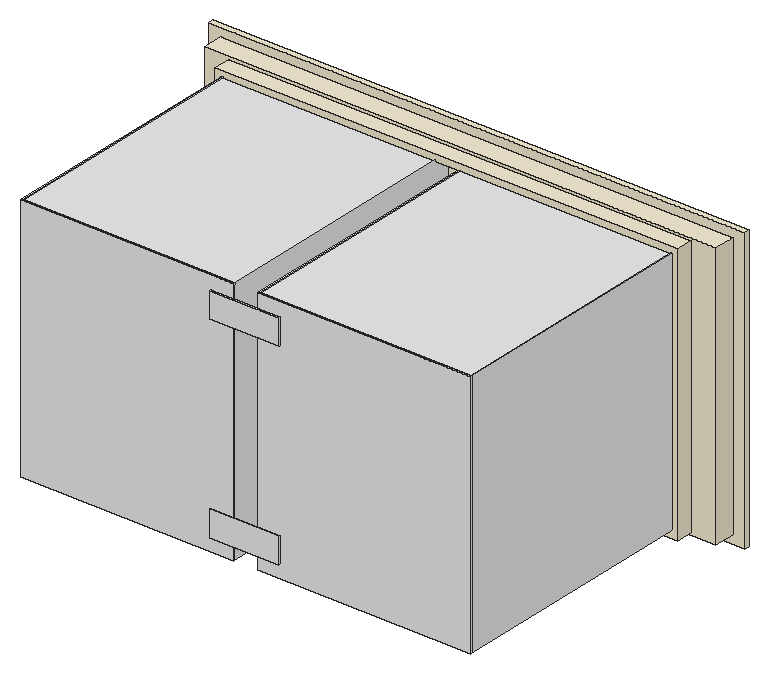
Revit family "4C-4_Door_High_Units_FL.rfa", category Specialty Equipment, host Wall, Revit 2016 (continued)
Definition of nested family "3700 Series 4C OM2 Configuration"
  Automatic sketch dimensions
    radius of Blend 8 sketch curve = 0.3125"
    radius of Blend 9 sketch curve = 0.15665"
    radius of Blend 9 sketch curve = 0.3125"
    radius of Blend 10 sketch curve = 0.15665"
    radius of Blend 10 sketch curve = 0.3125"
    radius of Blend 11 sketch curve = 0.15665"
    radius of Blend 11 sketch curve = 0.3125"
    radius of Extrusion 4 sketch curve = 0.42913"
    radius of Extrusion 3 sketch curve = 0.4375"
Definition of nested family "4C Latch Lock-Left"
  Parameters (values of type "Lock Latch")
    Width = 1.750"
    Type Comments = "Lock Latch for Aluminum Mailboxes"
    Visible Latch = yes
    Manufacturer = "Salsbury Industries"
    Height = 1.375"
    Depth = 0.244"
    Back Enclosure Material = none
  Reference planes (in)
    plane 1 "Center (Front/Back)": y = 0
    plane 2 "left": z = 0
    plane 3 "Center (Left/Right)": x = 0
    plane 4 "top": x = -0.875
    plane 5 "bottom": x = 0.875
    plane 6 "Front": y = 0.122
    plane 7 "Back": y = -0.122
    plane 8 "Vertical Center": z = 0.6875
    plane 9 "right": z = 1.375
    plane 10: x = 1
    plane 11: x = 1.125
  Forms (in)
    Extrusion 1, solid, material <- "Back Enclosure Material", visible <- "Visible Latch"
      sketch origin (-0.67187, 0, 0.67188) x (0, 0, -1) y (0, 1, 0)
        loop
          line (-0.22131, -0.0902) -> (-0.70312, -0.0902) -> (-0.70312, -0.12209) -> (-0.22129, -0.12209)
          arc (-0.22129, -0.12209) -> (-0.1389, -0.08579) -> (-0.11009, -0.00048) r 0.11165
          arc (-0.11009, -0.00048) -> (-0.01599, 0.09362) -> (0.07812, -0.00048) r 0.09411
          arc (0.07812, -0.00048) -> (0.10866, -0.08591) -> (0.19189, -0.122) r 0.11401
          line (0.19189, -0.122) -> (0.67187, -0.122) -> (0.67187, -0.08954) -> (0.19205, -0.08954)
          arc (0.19205, -0.08954) -> (0.13091, -0.06294) -> (0.10869, -0.00006) r 0.08357
          arc (0.10869, -0.00006) -> (-0.01625, 0.12487) -> (-0.14118, -0.00006) r 0.12494
          arc (-0.14118, -0.00006) -> (-0.16101, -0.06312) -> (-0.22131, -0.0902) r 0.08069
      from -0.20313 to 1.54687
    Extrusion 2, void
      sketch origin (-0.86719, 0.122, 0.78906) x (0, 0, -1) y (1, 0, 0)
        loop
          line (0.02064, 1.43976) -> (0.02064, 0.31562) -> (0.29045, 0.31562) -> (0.29045, 0.47278) -> (0.12796, 0.47278) -> (0.12796, 1.28526) -> (0.27447, 1.28526) -> (0.27447, 1.43976) -> (0.02064, 1.43976)
      from -0.01091 to 0.1442
    Blend 3, solid, material <- "Back Enclosure Material", visible <- "Visible Latch"
      base sketch origin (-0.95312, 0.122, 0.96875) x (0, 0, -1) y (1, 0, 0)
        loop
          circle (-0.1252, 1.55349) r 0.1
      top sketch origin (-0.95312, 0.122, 0.96875) x (0, 0, -1) y (1, 0, 0)
        loop
          circle (-0.1252, 1.55349) r 0.215
      from 0.16742 to 0.21154
    Blend 4, solid, material <- "Back Enclosure Material", visible <- "Visible Latch"
      base sketch origin (-0.95312, 0.122, -0.54015) x (0, 0, -1) y (1, 0, 0)
        loop
          circle (-0.8037, 1.55349) r 0.1
      top sketch origin (-0.95312, 0.122, -0.54015) x (0, 0, -1) y (1, 0, 0)
        loop
          circle (-0.8037, 1.55349) r 0.215
      from 0.16742 to 0.21154
    Blend 5, solid, material <- "Back Enclosure Material", visible <- "Visible Latch"
      base sketch origin (-1.95312, 0.122, 0.96875) x (0, 0, -1) y (1, 0, 0)
        loop
          circle (-0.1252, 1.36599) r 0.1
      top sketch origin (-1.95312, 0.122, 0.96875) x (0, 0, -1) y (1, 0, 0)
        loop
          circle (-0.1252, 1.36599) r 0.215
      from 0.16742 to 0.21154
    Blend 6, solid, material <- "Back Enclosure Material", visible <- "Visible Latch"
      base sketch origin (-1.95312, 0.122, -0.55578) x (0, 0, -1) y (1, 0, 0)
        loop
          circle (-0.8037, 1.36599) r 0.1
      top sketch origin (-1.95312, 0.122, -0.55578) x (0, 0, -1) y (1, 0, 0)
        loop
          circle (-0.8037, 1.36599) r 0.215
      from 0.16742 to 0.21154
    Extrusion 7, solid, material <- "Back Enclosure Material", visible <- "Visible Latch"
      sketch origin (-1.22585, -7.77812, 0.87452) x (0, 0, -1) y (0, 1, 0)
        loop
          circle (0.18702, 7.77784) r 0.09014
      from 0.35085 to 2.35085
    Extrusion 8, solid, material <- "Back Enclosure Material", visible <- "Visible Latch"
      sketch origin (0.37291, -7.78798, 0.67188) x (1, 0, 0) y (0, 1, 0)
        loop
          circle (0.12087, 7.81979) r 0.05
      from 0.01562 to -0.5
    Extrusion 9, solid, material <- "Back Enclosure Material", visible <- "Visible Latch"
      sketch origin (0.87525, -0.02845, 1.02999) x (0, 0, -1) y (1, 0, 0)
        loop
          line (0.68574, 0.09375) -> (0.68574, 0.12475) -> (-0.00176, 0.12475) -> (-0.00176, 0.09375) -> (0.68574, 0.09375)
      from -0.25 to 0.09355
    Extrusion 10, void
      sketch origin (1, -7.77845, 0.87437) x (0, 0, -1) y (0, -1, 0)
        loop
          circle (0.18637, -7.77776) r 0.09325
      from 0 to 0.031
  Cuts and joins
    Extrusion 2 cuts Extrusion 1
    Extrusion 10 cuts Extrusion 9
  Dimensions and locks (in)
    equal spacing: plane 7 "Back", plane 1 "Center (Front/Back)", plane 6 "Front"
    "Depth": plane 7 "Back" to plane 6 "Front"
    equal spacing: plane 4 "top", plane 3 "Center (Left/Right)", plane 5 "bottom"
    "Width": plane 4 "top" to plane 5 "bottom"
    equal spacing: plane 9 "right", plane 8 "Vertical Center", plane 2 "left"
    "Height": plane 9 "right" to plane 2 "left"
    plane 4 "top" to plane 10 = 1.875"
    plane 5 "bottom" to plane 11 = 0.250"
    plane 11 to plane 10 = 0.125"
    aligned and locked: level to plane 2 "left"
  Automatic sketch dimensions
    Extrusion 1 sketch curve to plane 7 "Back" = 0.000"
    Extrusion 1 sketch curve to plane 7 "Back" = 0.0318"
    plane 9 "right" to Extrusion 1 sketch curve = 0.000"
    Extrusion 1 sketch curve to plane 8 "Vertical Center" = 0.20569"
    plane 7 "Back" to Extrusion 1 sketch curve = 0.00009"
    Extrusion 1 sketch curve to plane 8 "Vertical Center" = 0.20567"
    plane 1 "Center (Front/Back)" to Extrusion 1 sketch curve = 0.00006"
    Extrusion 1 sketch curve to plane 8 "Vertical Center" = 0.00062"
    Extrusion 1 sketch curve to Extrusion 1 sketch curve = 0.00026"
    Extrusion 1 sketch curve to Extrusion 1 sketch curve = 0.20788"
    Extrusion 1 sketch curve to Extrusion 1 sketch curve = 0.00016"
    Extrusion 1 sketch curve to level = 0.000"
    Extrusion 1 sketch curve to plane 7 "Back" = 0.03246"
    plane 1 "Center (Front/Back)" to Extrusion 1 sketch curve = 0.01045"
    Extrusion 1 sketch curve to Extrusion 1 sketch curve = 0.00094"
    Extrusion 1 sketch curve to Extrusion 1 sketch curve = 0.00201"
    Extrusion 2 sketch curve to plane 8 "Vertical Center" = 0.08092"
    plane 5 "bottom" to Extrusion 2 sketch curve = 0.45693"
    plane 8 "Vertical Center" to Extrusion 2 sketch curve = 0.0264"
    Extrusion 2 sketch curve to Extrusion 2 sketch curve = 0.16249"
    Extrusion 2 sketch curve to Extrusion 2 sketch curve = 0.14651"
    Extrusion 2 sketch curve to plane 3 "Center (Left/Right)" = 0.3944"
    Extrusion 2 sketch curve to plane 4 "top" = 0.32343"
    plane 5 "bottom" to Extrusion 2 sketch curve = 0.30243"
    plane 5 "bottom" to Blend 3 sketch curve = 0.27463"  (x2)
    Blend 3 sketch curve to plane 8 "Vertical Center" = 0.40645"  (x2)
    plane 5 "bottom" to Blend 4 sketch curve = 0.27463"  (x2)
    level to Blend 4 sketch curve = 0.26355"  (x2)
    Blend 5 sketch curve to plane 8 "Vertical Center" = 0.40645"  (x2)
    Blend 5 sketch curve to plane 3 "Center (Left/Right)" = 0.58713"  (x2)
    level to Blend 6 sketch curve = 0.24792"  (x2)
    Blend 6 sketch curve to plane 3 "Center (Left/Right)" = 0.58713"  (x2)
    plane 1 "Center (Front/Back)" to Extrusion 7 sketch curve = 0.00028"
    plane 8 "Vertical Center" to Extrusion 7 sketch curve = 0.000"
    Extrusion 8 sketch curve to plane 1 "Center (Front/Back)" = 0.03181"
    Extrusion 8 sketch curve to plane 4 "top" = 1.36878"
    Extrusion 9 sketch curve to plane 8 "Vertical Center" = 0.34425"
    level to Extrusion 9 sketch curve = 0.34425"
    Extrusion 9 sketch curve to plane 4 "top" = 1.844"
    Extrusion 9 sketch curve to Extrusion 9 sketch curve = 0.031"
    plane 1 "Center (Front/Back)" to Extrusion 10 sketch curve = 0.0007"
    Extrusion 10 sketch curve to plane 8 "Vertical Center" = 0.0005"
    radius of Blend 3 sketch curve = 0.100"
    radius of Blend 3 sketch curve = 0.215"
    radius of Blend 4 sketch curve = 0.100"
    radius of Blend 4 sketch curve = 0.215"
    radius of Blend 5 sketch curve = 0.100"
    radius of Blend 5 sketch curve = 0.215"
    radius of Blend 6 sketch curve = 0.100"
    radius of Blend 6 sketch curve = 0.215"
    radius of Extrusion 7 sketch curve = 0.09014"
    radius of Extrusion 8 sketch curve = 0.050"
    radius of Extrusion 10 sketch curve = 0.09325"
Definition of nested family "4C Latch Lock-Right"
  Parameters (values of type "Lock Latch")
    Width = 1.750"
    Type Comments = "Lock Latch for Aluminum Mailboxes"
    Visible Latch = yes
    Manufacturer = "Salsbury Industries"
    Height = 1.375"
    Depth = 0.244"
    Back Enclosure Material = none
  Reference planes (in)
    plane 1 "Center (Front/Back)": y = 0
    plane 2 "left": z = 0
    plane 3 "Center (Left/Right)": x = 0
    plane 4 "top": x = -0.875
    plane 5 "bottom": x = 0.875
    plane 6 "Front": y = 0.122
    plane 7 "Back": y = -0.122
    plane 8 "Vertical Center": z = 0.6875
    plane 9 "right": z = 1.375
    plane 10: x = -1
    plane 11: x = -1.125
  Forms (in)
    Extrusion 1, solid, material <- "Back Enclosure Material", visible <- "Visible Latch"
      sketch origin (-0.67187, 0, 0.67188) x (0, 0, -1) y (0, 1, 0)
        loop
          line (-0.22131, -0.0902) -> (-0.70312, -0.0902) -> (-0.70312, -0.12209) -> (-0.22129, -0.12209)
          arc (-0.22129, -0.12209) -> (-0.1389, -0.08579) -> (-0.11009, -0.00048) r 0.11165
          arc (-0.11009, -0.00048) -> (-0.01599, 0.09362) -> (0.07812, -0.00048) r 0.09411
          arc (0.07812, -0.00048) -> (0.10866, -0.08591) -> (0.19189, -0.122) r 0.11401
          line (0.19189, -0.122) -> (0.67187, -0.122) -> (0.67187, -0.08954) -> (0.19205, -0.08954)
          arc (0.19205, -0.08954) -> (0.13091, -0.06294) -> (0.10869, -0.00006) r 0.08357
          arc (0.10869, -0.00006) -> (-0.01625, 0.12487) -> (-0.14118, -0.00006) r 0.12494
          arc (-0.14118, -0.00006) -> (-0.16101, -0.06312) -> (-0.22131, -0.0902) r 0.08069
      from -0.20313 to 1.54687
    Extrusion 2, void
      sketch origin (-0.86719, 0.122, 0.78906) x (0, 0, -1) y (1, 0, 0)
        loop
          line (0.02064, 1.43976) -> (0.02064, 0.31562) -> (0.29045, 0.31562) -> (0.29045, 0.47278) -> (0.12796, 0.47278) -> (0.12796, 1.28526) -> (0.27447, 1.28526) -> (0.27447, 1.43976) -> (0.02064, 1.43976)
      from -0.01091 to 0.1442
    Blend 3, solid, material <- "Back Enclosure Material", visible <- "Visible Latch"
      base sketch origin (-0.95312, 0.122, 0.96875) x (0, 0, -1) y (1, 0, 0)
        loop
          circle (-0.1252, 1.55349) r 0.1
      top sketch origin (-0.95312, 0.122, 0.96875) x (0, 0, -1) y (1, 0, 0)
        loop
          circle (-0.1252, 1.55349) r 0.215
      from 0.16742 to 0.21154
    Blend 4, solid, material <- "Back Enclosure Material", visible <- "Visible Latch"
      base sketch origin (-0.95312, 0.122, -0.54015) x (0, 0, -1) y (1, 0, 0)
        loop
          circle (-0.8037, 1.55349) r 0.1
      top sketch origin (-0.95312, 0.122, -0.54015) x (0, 0, -1) y (1, 0, 0)
        loop
          circle (-0.8037, 1.55349) r 0.215
      from 0.16742 to 0.21154
    Blend 5, solid, material <- "Back Enclosure Material", visible <- "Visible Latch"
      base sketch origin (-1.95312, 0.122, 0.96875) x (0, 0, -1) y (1, 0, 0)
        loop
          circle (-0.1252, 1.36599) r 0.1
      top sketch origin (-1.95312, 0.122, 0.96875) x (0, 0, -1) y (1, 0, 0)
        loop
          circle (-0.1252, 1.36599) r 0.215
      from 0.16742 to 0.21154
    Blend 6, solid, material <- "Back Enclosure Material", visible <- "Visible Latch"
      base sketch origin (-1.95312, 0.122, -0.55578) x (0, 0, -1) y (1, 0, 0)
        loop
          circle (-0.8037, 1.36599) r 0.1
      top sketch origin (-1.95312, 0.122, -0.55578) x (0, 0, -1) y (1, 0, 0)
        loop
          circle (-0.8037, 1.36599) r 0.215
      from 0.16742 to 0.21154
    Extrusion 7, solid, material <- "Back Enclosure Material", visible <- "Visible Latch"
      sketch origin (-1.22585, -7.77812, 0.87452) x (0, 0, -1) y (0, 1, 0)
        loop
          circle (0.18702, 7.77784) r 0.09014
      from 0.10085 to 2.10085
    Extrusion 8, solid, material <- "Back Enclosure Material", visible <- "Visible Latch"
      sketch origin (-0.59584, -7.78798, 0.67188) x (1, 0, 0) y (0, 1, 0)
        loop
          circle (0.12087, 7.81979) r 0.05
      from 0.01562 to -0.5
    Extrusion 9, solid, material <- "Back Enclosure Material", visible <- "Visible Latch"
      sketch origin (-1.09375, -0.02845, 1.02999) x (0, 0, -1) y (1, 0, 0)
        loop
          line (0.68574, 0.09375) -> (0.68574, 0.12475) -> (-0.00176, 0.12475) -> (-0.00176, 0.09375) -> (0.68574, 0.09375)
      from -0.25 to 0.09355
    Extrusion 10, void
      sketch origin (-0.969, -7.77845, 0.87437) x (0, 0, -1) y (0, -1, 0)
        loop
          circle (0.18637, -7.77776) r 0.09325
      from 0 to 0.031
  Cuts and joins
    Extrusion 2 cuts Extrusion 1
    Extrusion 10 cuts Extrusion 9
  Dimensions and locks (in)
    equal spacing: plane 7 "Back", plane 1 "Center (Front/Back)", plane 6 "Front"
    "Depth": plane 7 "Back" to plane 6 "Front"
    equal spacing: plane 4 "top", plane 3 "Center (Left/Right)", plane 5 "bottom"
    "Width": plane 4 "top" to plane 5 "bottom"
    equal spacing: plane 9 "right", plane 8 "Vertical Center", plane 2 "left"
    "Height": plane 9 "right" to plane 2 "left"
    plane 10 to plane 4 "top" = 0.125"
    plane 11 to plane 4 "top" = 0.250"
    plane 10 to plane 11 = 0.125"
    aligned and locked: level to plane 2 "left"
  Automatic sketch dimensions
    Extrusion 1 sketch curve to plane 7 "Back" = 0.000"
    Extrusion 1 sketch curve to plane 7 "Back" = 0.0318"
    plane 9 "right" to Extrusion 1 sketch curve = 0.000"
    Extrusion 1 sketch curve to plane 8 "Vertical Center" = 0.20569"
    plane 7 "Back" to Extrusion 1 sketch curve = 0.00009"
    Extrusion 1 sketch curve to plane 8 "Vertical Center" = 0.20567"
    plane 1 "Center (Front/Back)" to Extrusion 1 sketch curve = 0.00006"
    Extrusion 1 sketch curve to plane 8 "Vertical Center" = 0.00062"
    Extrusion 1 sketch curve to Extrusion 1 sketch curve = 0.00026"
    Extrusion 1 sketch curve to Extrusion 1 sketch curve = 0.20788"
    Extrusion 1 sketch curve to Extrusion 1 sketch curve = 0.00016"
    Extrusion 1 sketch curve to level = 0.000"
    Extrusion 1 sketch curve to plane 7 "Back" = 0.03246"
    plane 1 "Center (Front/Back)" to Extrusion 1 sketch curve = 0.01045"
    Extrusion 1 sketch curve to Extrusion 1 sketch curve = 0.00094"
    Extrusion 1 sketch curve to Extrusion 1 sketch curve = 0.00201"
    Extrusion 2 sketch curve to plane 8 "Vertical Center" = 0.08092"
    plane 5 "bottom" to Extrusion 2 sketch curve = 0.45693"
    plane 8 "Vertical Center" to Extrusion 2 sketch curve = 0.0264"
    Extrusion 2 sketch curve to Extrusion 2 sketch curve = 0.16249"
    Extrusion 2 sketch curve to Extrusion 2 sketch curve = 0.14651"
    Extrusion 2 sketch curve to plane 3 "Center (Left/Right)" = 0.3944"
    Extrusion 2 sketch curve to plane 4 "top" = 0.32343"
    plane 5 "bottom" to Extrusion 2 sketch curve = 0.30243"
    plane 5 "bottom" to Blend 3 sketch curve = 0.27463"  (x2)
    Blend 3 sketch curve to plane 8 "Vertical Center" = 0.40645"  (x2)
    plane 5 "bottom" to Blend 4 sketch curve = 0.27463"  (x2)
    level to Blend 4 sketch curve = 0.26355"  (x2)
    Blend 5 sketch curve to plane 8 "Vertical Center" = 0.40645"  (x2)
    Blend 5 sketch curve to plane 3 "Center (Left/Right)" = 0.58713"  (x2)
    level to Blend 6 sketch curve = 0.24792"  (x2)
    Blend 6 sketch curve to plane 3 "Center (Left/Right)" = 0.58713"  (x2)
    plane 1 "Center (Front/Back)" to Extrusion 7 sketch curve = 0.00028"
    plane 8 "Vertical Center" to Extrusion 7 sketch curve = 0.000"
    Extrusion 8 sketch curve to plane 1 "Center (Front/Back)" = 0.03181"
    Extrusion 8 sketch curve to plane 4 "top" = 0.40003"
    Extrusion 9 sketch curve to plane 8 "Vertical Center" = 0.34425"
    level to Extrusion 9 sketch curve = 0.34425"
    plane 4 "top" to Extrusion 9 sketch curve = 0.125"
    Extrusion 9 sketch curve to Extrusion 9 sketch curve = 0.031"
    plane 1 "Center (Front/Back)" to Extrusion 10 sketch curve = 0.0007"
    Extrusion 10 sketch curve to plane 8 "Vertical Center" = 0.0005"
    radius of Blend 3 sketch curve = 0.100"
    radius of Blend 3 sketch curve = 0.215"
    radius of Blend 4 sketch curve = 0.100"
    radius of Blend 4 sketch curve = 0.215"
    radius of Blend 5 sketch curve = 0.100"
    radius of Blend 5 sketch curve = 0.215"
    radius of Blend 6 sketch curve = 0.100"
    radius of Blend 6 sketch curve = 0.215"
    radius of Extrusion 7 sketch curve = 0.09014"
    radius of Extrusion 8 sketch curve = 0.050"
    radius of Extrusion 10 sketch curve = 0.09325"
Types (5): name | Width | Vertical Center Divider | Top Back Plate | Right Inside Wall | Model | Left Inside Wall | Latch Alignment | Door Slot R4 Number | Door Slot R4 | Door Slot R3 | Door Slot R2 | Door Slot R1 Number | Door Slot R1 | Door Slot L4 Number | Door Slot L4 | Door Slot L3 Number | Door Slot L3 | Door Slot L2 Number | Door Slot L2 | Door Slot L1 Number | Door Slot L1 | Description | Center Extrusion Offset | Bottom Back Plate
  3704D-06 FL | 31.09766" | yes | yes | yes | "3704D-06 FL" | yes | 14.85742" | "6" | 3700 Series 4C Door Configurations : MB1 Door w/ Divider | 3700 Series 4C OM2 Configuration : OM2-FL | 3700 Series 4C Door Configurations : Empty | "5" | 3700 Series 4C Door Configurations : MB1 Door | "4" | 3700 Series 4C Door Configurations : MB1 Door w/ Divider | "3" | 3700 Series 4C Door Configurations : MB1 Door w/ Divider | "2" | 3700 Series 4C Door Configurations : MB1 Door w/ Divider | "1" | 3700 Series 4C Door Configurations : MB1 Door | "4 Door High Unit: 6 MB1, OM2" | 0.000" | yes
  3704S-02 FL | 16.34375" | no | no | no | "3704S-02 FL" | no | 13.876" | "2" | 3700 Series 4C Door Configurations : MB1 Door w/ Divider | 3700 Series 4C OM2 Configuration : OM2-FL | 3700 Series 4C Door Configurations : Empty | "1" | 3700 Series 4C Door Configurations : MB1 Door | "0" | 3700 Series 4C Door Configurations : Empty | "0" | 3700 Series 4C Door Configurations : Empty | "0" | 3700 Series 4C Door Configurations : Empty | "0" | 3700 Series 4C Door Configurations : Empty | "4 Door High Unit: 2 MB1, OM2" | 48.000" | no
  3704S-01 FL | 16.34375" | no | no | no | "3704S-01 FL" | no | 13.876" | "1" | 3700 Series 4C Door Configurations : MB2 Door w/ Divider | 3700 Series 4C Door Configurations : Empty | 3700 Series 4C OM2 Configuration : OM2-FL | "0" | 3700 Series 4C Door Configurations : Empty | "0" | 3700 Series 4C Door Configurations : Empty | "0" | 3700 Series 4C Door Configurations : Empty | "0" | 3700 Series 4C Door Configurations : Empty | "0" | 3700 Series 4C Door Configurations : Empty | "4 Door High Unit: 1 MB2, OM2" | 48.000" | no
  3704S-1P FL | 16.34375" | no | no | no | "3704S-1P FL" | no | 13.876" | "1P" | 3700 Series 4C Parcel Configurations : PL4 | 3700 Series 4C Door Configurations : Empty | 3700 Series 4C Door Configurations : Empty | "0" | 3700 Series 4C Door Configurations : Empty | "0" | 3700 Series 4C Door Configurations : Empty | "0" | 3700 Series 4C Door Configurations : Empty | "0" | 3700 Series 4C Door Configurations : Empty | "0" | 3700 Series 4C Door Configurations : Empty | "4 Door High Unit: 1 PL4" | 48.000" | no
  3704D-2P FL | 31.09766" | yes | yes | yes | "3704D-2P FL" | yes | 14.85742" | "2P" | 3700 Series 4C Parcel Configurations : PL4 | 3700 Series 4C Door Configurations : Empty | 3700 Series 4C Door Configurations : Empty | "0" | 3700 Series 4C Door Configurations : Empty | "1P" | 3700 Series 4C Parcel Configurations : PL4 | "0" | 3700 Series 4C Door Configurations : Empty | "0" | 3700 Series 4C Door Configurations : Empty | "0" | 3700 Series 4C Door Configurations : Empty | "4 Door High Unit: 2 PL4" | 0.000" | yes
